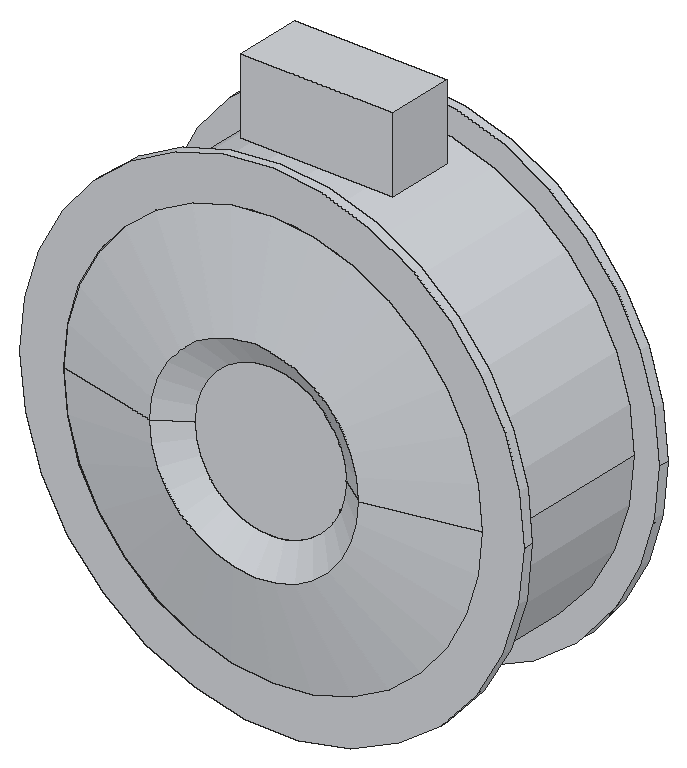
Revit family "17.  Канальный осевой вентилятор FE Тип A", category Оборудование, Revit 2016
Family settings
  Тип детали = Нормальный
  Размер круглого соединителя = Использовать диаметр
  На основе рабочей плоскости = Нет
  Всегда вертикально = Да
  При загрузке вырезать с полостями = Нет
  Общий = Нет
  Точка расчета площади = Нет
Parameters (values of type "FE031-4DF")
  отступ = 32 mm
  Частотный преобразователь [instance] = no
  Частота вращения n, об/мин = "1410"
  Тип, марка, обозначение = "FE031-4DF.OC.V7"
  Теплопроизводительность, кВт = ""
  Сила тока J, А = "0.29"
  Регулятор расхода [instance] = no
  Раздел = "ОВ"
  Примечание = ""
  Позиция = ""
  Напряжение U,В = ""
  Наименование и тех.хар-ка = " Канальный осевой вентилятор"  # constant formula
  Мощность, кВт = 0.12 W
  Материал = Сталь серая
  Масса единицы = "6.5 кг"
  Размер В = 9.5 mm
  Код, оборудования = ""
  Ключевая пометка = "Вентиляция"
  И2 = И * 0.9  # 64.8 mm
  И1 = И * 0.6  # 43.2 mm
  И = 72 mm  # constant formula
  Задание электрикам [instance] = no
  Задание автоматчикам [instance] = no
  Завод изготовитель = "KORF"  # constant formula
  Ж = 135 mm
  Единица измерения = "шт."  # constant formula
  Е = 17 mm
  Д2 = Д / 2  # 158.25 mm
  Д1 = Д - 10 mm  # 306.5 mm
  Д = 316.5 mm
  Б = 8 mm
  А1 = А / 2  # 178 mm
  d2 = Г * 0.3  # 114.6 mm
  d1 = Г * 0.5  # 191 mm
  d = Г * 0.2  # 76.4 mm
  R скругления = 15 mm
  D2 = Г * 0.3  # 114.6 mm
  D1 = Г * 0.5  # 191 mm
  D = Д * 0.5  # 158.25 mm
  А = 356 mm
  Г = 382 mm
Types (13, lengths in mm): name | Частота вращения n, об/мин | Тип, марка, обозначение | Сила тока J, А | Мощность, кВт | Масса единицы | Размер В | Ж | Е | Д2 | Д1 | Д | Б | А1 | d2 | d1 | d | D2 | D1 | D | А | Г
  FE031-4DF | "1410" | "FE031-4DF.OC.V7" | "0.29" | 0.12 W | "6.5 кг" | 9.5 | 135 | 17 | 158.25 | 306.5 | 316.5 | 8 | 178 | 114.6 | 191 | 76.4 | 114.6 | 191 | 158.25 | 356 | 382
  FE031-4EF | "1400" | "FE031-4EF.OC.V7" | "0.59" | 0.13 W | "6.5 кг" | 9.5 | 135 | 17 | 158.25 | 306.5 | 316.5 | 8 | 178 | 114.6 | 191 | 76.4 | 114.6 | 191 | 158.25 | 356 | 382
  FE035-4DF | "1360" | "FE035-4DF.OC.V7" | "0.35" | 0.18 W | "7.2 кг" | 9.5 | 135 | 17 | 178 | 346 | 356 | 8 | 197.5 | 126.3 | 210.5 | 84.2 | 126.3 | 210.5 | 178 | 395 | 421
  FE035-4EF | "1400" | "FE035-4EF.OF.V7" | "0.9" | 0.2 W | "7.5 кг" | 9.5 | 135 | 17 | 178 | 346 | 356 | 8 | 197.5 | 126.3 | 210.5 | 84.2 | 126.3 | 210.5 | 178 | 395 | 421
  FE040-VDF | "1300" | "FE040-VDF.2C.V7" | "0.48" | 0.27 W | "8.6 кг" | 9.5 | 155 | 18 | 200 | 390 | 400 | 12 | 219 | 139.8 | 233 | 93.2 | 139.8 | 233 | 200 | 438 | 466
  FE040-4EF | "1320" | "FE040-4EF.2F.V7" | "1.35" | 0.31 W | "10.3 кг" | 9.5 | 155 | 18 | 200 | 390 | 400 | 12 | 219 | 139.8 | 233 | 93.2 | 139.8 | 233 | 200 | 438 | 466
  FE045-VDF | "1340" | "FE045-VDF.4F.V7" | "1.15" | 0.61 W | "14 кг" | 9.5 | 160 | 22 | 225.5 | 441 | 451 | 12 | 243.5 | 154.5 | 257.5 | 103 | 154.5 | 257.5 | 225.5 | 487 | 515
  FE050-SDF | "900" | "FE050-SDF.4F.V7" | "0.74" | 0.32 W | "14.4 кг" | 9.5 | 165 | 22 | 251.5 | 493 | 503 | 12 | 270.5 | 170.1 | 283.5 | 113.4 | 170.1 | 283.5 | 251.5 | 541 | 567
  FE050-6EF | "890" | "FE050-6EF.4F.V7" | "1.25" | 0.29 W | "14.4 кг" | 9.5 | 165 | 22 | 251.5 | 493 | 503 | 12 | 270.5 | 170.1 | 283.5 | 113.4 | 170.1 | 283.5 | 251.5 | 541 | 567
  FE056-SDF | "880" | "FE056-SDF.4F.V7" | "0.76" | 0.42 W | "17 кг" | 11.5 | 210 | 22 | 279.5 | 549 | 559 | 12 | 302.5 | 190.5 | 317.5 | 127 | 190.5 | 317.5 | 279.5 | 605 | 635
  FE056-6EF | "920" | "FE056-6EF.4F.V7" | "2.3" | 0.51 W | "19 кг" | 11.5 | 210 | 24 | 279.5 | 549 | 559 | 12 | 302.5 | 190.5 | 317.5 | 127 | 190.5 | 317.5 | 279.5 | 605 | 635
  FE063-VDF | "1310" | "FE063-VDF.6N.V7" | "4.8" | 2.6 W | "45 кг" | 11.5 | 220 | 22 | 317 | 624 | 634 | 12 | 337 | 212.1 | 353.5 | 141.4 | 212.1 | 353.5 | 317 | 674 | 707
  FE063-SDF | "900" | "FE063-SDF.6N.V7" | "1.25" | 0.69 W | "21 кг" | 11.5 | 220 | 22 | 317 | 624 | 634 | 12 | 337 | 212.1 | 353.5 | 141.4 | 212.1 | 353.5 | 317 | 674 | 707
Reference planes
  plane 1 "По центру (Вперед/Назад)": y = 0
  plane 2: z = 0
  plane 3 "По центру (Влево/Вправо)": x = 0
  plane 4: y = 135
  plane 5: y = 128
  plane 6: y = 7
  plane 7: y = -17
  plane 8: y = -2
  plane 9: z = 158.25
  plane 10: z = 173.25
  plane 11: x = -57.3
  plane 12: x = 57.3
  plane 13: z = 230.25
  plane 14: y = 93
  plane 15: y = 42
Forms (mm)
  Extrusion 1, void, not visible
    sketch origin (-345, -245, 50) x (0, -1, 0) y (0, 0, -1)
      loop
        line (-477.965, -475) -> (-477.965, -450) -> (-528.913, -450) -> (-528.913, -475) -> (-477.965, -475)
    from -47.452 to 12
  Extrusion 2, solid, detail levels fine
    sketch origin (0, 0, 0) x (1, 0, 0) y (0, 0, 1)
      loop
        circle (0, 0) r 191
      loop
        circle (0, 0) r 158.25
    from 0 to -135
  Sweep 3, void
    path in 3D
      loop
        arc (191, 0, 0) -> (0, 0, -191) -> (-191, 0, 0) r 191
        arc (-191, 0, 0) -> (0, 0, 191) -> (191, 0, 0) r 191
    profile origin (0, 0, 191) x (0, 0, 1) y (0, -1, 0)
      loop
        line (0, -7) -> (-20, -7) -> (-20, -128) -> (0, -128) -> (0, -7)
  Blend 4, solid, detail levels fine
    base sketch origin (0, 0, 0) x (1, 0, 0) y (0, 0, 1)
      loop
        circle (0, 0) r 158.25
    top sketch origin (0, 0, 0) x (1, 0, 0) y (0, 0, 1)
      loop
        circle (0, 0) r 79.125
    from 0 to 17
  Blend 5, void
    base sketch origin (0, 0, 0) x (1, 0, 0) y (0, 0, 1)
      loop
        circle (0, 0) r 79.125
    top sketch origin (0, 0, 0) x (1, 0, 0) y (0, 0, 1)
      loop
        circle (0, 0) r 57.3
    from 17 to 2
  Extrusion 6, solid, detail levels fine
    sketch origin (0, 0, 0) x (1, 0, 0) y (0, 0, 1)
      loop
        line (-57.3, 230.25) -> (-57.3, 173.25) -> (57.3, 173.25) -> (57.3, 230.25) -> (-57.3, 230.25)
    from -93 to -42
Cuts and joins
  Sweep 3 cuts Extrusion 2
  Blend 5 cuts Blend 4
Lines and regions (mm)
  sketch lines
    curve 1: arc (-191, 0, 0) -> (0, 0, 191) -> (191, 0, 0) r 191
    curve 2: arc (191, 0, 0) -> (0, 0, -191) -> (-191, 0, 0) r 191
  model lines, detail levels coarse
    curve 3: line (-191, 135, 0) -> (191, 135, 0)
    curve 4: line (-191, 0, 0) -> (-191, 135, 0)
    curve 5: line (191, 0, 0) -> (-191, 0, 0)
    curve 6: line (191, 135, 0) -> (191, 0, 0)
    curve 7: line (0, -35, 0) -> (-83.879, -159.356, 0)
    curve 8: line (-83.879, -159.356, 0) -> (0, -159.356, 0)
    curve 9: line (0, -35, 0) -> (83.879, -159.356, 0)
    curve 10: line (83.879, -159.356, 0) -> (0, -159.356, 0)
  model lines, not visible, detail levels coarse
    curve 11: line (0, -35, 0) -> (-83.879, -159.356, 0)
    curve 12: line (-83.879, -159.356, 0) -> (0, -159.356, 0)
    curve 13: line (0, -35, 0) -> (83.879, -159.356, 0)
    curve 14: line (83.879, -159.356, 0) -> (0, -159.356, 0)
  model lines, detail levels medium
    curve 15: line (0, 0, -191) -> (0, 135, -191)
    curve 16: line (0, 0, 191) -> (0, 0, -191)
    curve 17: line (0, 135, 191) -> (0, 0, 191)
    curve 18: line (0, 135, -191) -> (0, 135, 191)
    curve 19: line (0, -35, 0) -> (0, -169.35, 134.35)
    curve 20: line (0, -169.35, 134.35) -> (0, -169.35, 0)
    curve 21: line (0, -35, 0) -> (0, -169.35, -134.35)
    curve 22: line (0, -169.35, -134.35) -> (0, -169.35, 0)
  model lines, not visible, detail levels medium
    curve 23: line (0, -35, 0) -> (0, -169.35, 134.35)
    curve 24: line (0, -169.35, 134.35) -> (0, -169.35, 0)
    curve 25: line (0, -35, 0) -> (0, -169.35, -134.35)
    curve 26: line (0, -169.35, -134.35) -> (0, -169.35, 0)
Dimensions and locks
  locked: plane 4 to plane 5 at 7
  locked: plane 6 to plane 1 "По центру (Вперед/Назад)" at 7
  locked: Sweep 3 sketch curve to Sweep 3 sketch curve at 20
  locked: plane 8 to plane 1 "По центру (Вперед/Назад)" at 2
  "Д2": plane 9 to level
  equal spacing: plane 12, plane 3 "По центру (Влево/Вправо)", plane 11
  "d2": plane 12 to plane 11
  "Ж": plane 1 "По центру (Вперед/Назад)" to plane 4
  "Е": plane 1 "По центру (Вперед/Назад)" to plane 7
  "И": plane 13 to plane 9
  locked: plane 10 to plane 9 at 15
  locked: plane 5 to plane 14 at 35
  locked: plane 15 to plane 6 at 35
  "Д": diameter of Extrusion 2 sketch curve
  "Г": diameter of Extrusion 2 sketch curve
  "Д": diameter of Blend 4 sketch curve
  "D": diameter of Blend 4 sketch curve
  "D": diameter of Blend 5 sketch curve
  "d2": diameter of Blend 5 sketch curve
  aligned and locked: level to plane 2
  aligned and locked: plane 4 to Extrusion 2
  aligned and locked: plane 6 to Sweep 3 sketch curve
  aligned and locked: Sweep 3 sketch curve to plane 5
  aligned and locked: Blend 4 to plane 1 "По центру (Вперед/Назад)"
  aligned and locked: Blend 4 to plane 7
  aligned and locked: Blend 5 to Blend 4
  aligned and locked: Blend 5 to plane 8
  aligned and locked: plane 12 to Extrusion 6
  aligned and locked: Extrusion 6 to plane 13
  aligned and locked: Extrusion 6 to plane 11
  aligned and locked: Extrusion 6 to plane 10
  aligned and locked: plane 14 to Extrusion 6
  aligned and locked: Extrusion 6 to plane 15
  aligned and locked: curve 3 to cut or joined group of Extrusion 2, Sweep 3
  aligned and locked: curve 5 to cut or joined group of Extrusion 2, Sweep 3
  aligned and locked: curve 16 to cut or joined group of Extrusion 2, Sweep 3
  aligned and locked: curve 18 to cut or joined group of Extrusion 2, Sweep 3
Automatic sketch dimensions
  Extrusion 2 sketch curve to Extrusion 2 sketch curve = 0 mm  (x2)
  Extrusion 2 sketch curve to level = 0 mm
  Extrusion 2 sketch curve to plane 3 "По центру (Влево/Вправо)" = 0 mm
  Blend 4 sketch curve to level = 0 mm  (x2)
  Blend 4 sketch curve to plane 3 "По центру (Влево/Вправо)" = 0 mm  (x2)
  Blend 5 sketch curve to level = 0 mm  (x2)
  Blend 5 sketch curve to plane 3 "По центру (Влево/Вправо)" = 0 mm  (x2)
  plane 10 to curve 17 = 17.75 mm
  curve 5 to plane 11 = 133.7 mm
  plane 12 to curve 5 = 133.7 mm
  profile plane to Sweep 3 sketch curve = 0 mm
  Extrusion 6 sketch curve to plane 10 = 0 mm
  Extrusion 6 sketch curve to plane 11 = 0 mm
  Extrusion 6 sketch curve to plane 12 = 0 mm
  Extrusion 6 sketch curve to plane 13 = 0 mm
  curve 15 to level = 191 mm
Nested families
  nested 1: "крепление 15мм" at (-330, 229.965, 495), type "крепление 15мм", not visible
Connectors
  hvac at (0, 135, 0), driven by "Д"
    settings: on cut or joined group of Extrusion 2, Sweep 3, index 1, duct flow 0.0 L/s, flow factor 0, pres drop 0.0 Pa, loss coef 0, conn angle 0.00°, conn width 304.8 mm, conn height 304.8 mm, conn diameter 316.5 mm, duct sys type 28, conn prof type 0, flow config 0, flow direction 0, loss method 0, conn ref index -1, conn util no, is conn primary yes, conn desc ""
Definition of nested family "крепление 15мм"
  Parameters (values of type "крепление 15мм")
    Материал крепления = none
  Reference planes
    plane 1 "По центру (Вперед/Назад)": y = 0
    plane 2: z = 0
    plane 3 "По центру (Влево/Вправо)": x = 0
  Forms (mm)
    Extrusion 1, solid, material <- "Материал крепления"
      sketch origin (0, 0, 0) x (1, 0, 0) y (0, 1, 0)
        loop
          line (-25, 0) -> (0, 0) -> (0, 18.31) -> (0, 25) -> (-3, 25) -> (-3, 3) -> (-25, 3) -> (-25, 0)
      from 0 to 30
    Extrusion 2, void
      sketch origin (0, 0, 0) x (1, 0, 0) y (0, 1, 0)
        loop
          line (-3, 3) -> (-3, 54.96) -> (-58, 54.96) -> (-58, 3) -> (-3, 3)
      from 0 to 15
  Cuts and joins
    Extrusion 2 cuts Extrusion 1
  Dimensions and locks
    Extrusion 1 sketch curve to Extrusion 1 sketch curve = 3 mm  (x2)
    Extrusion 1 sketch curve to Extrusion 1 sketch curve to plane 3 "По центру (Влево/Вправо)" = 25 mm, 0 mm
    Extrusion 1 sketch curve to Extrusion 1 sketch curve = 25 mm
    aligned and locked: level to plane 2
